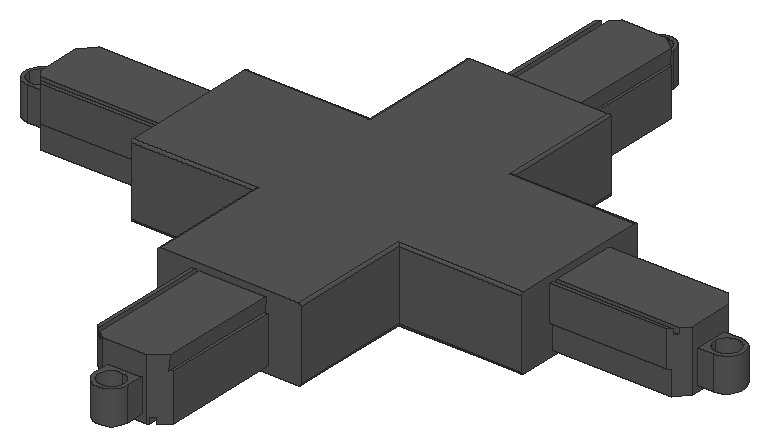
Revit family "Lighting_Other_Nordlux_Link_X-Connector", category Lighting Fixtures, host Face, Revit 2017
Family settings
  Host = Face
  Round Connector Dimension = Use Diameter
  Part Type = Normal
  OmniClass Number = 23.80.70.11.14.21
  OmniClass Title = Spots and Tracklight Specialties
  Cut with Voids When Loaded = No
  Light Source = No
  Shared = No
  Room Calculation Point = No
Parameters (values of type "Link X-connector - black")
  WarrantyStartDate [instance] = "n/a"
  WarrantyGuarantorParts = "n/a"
  WarrantyGuarantorLabor = "n/a"
  WarrantyDurationUnit = "Year"
  WarrantyDurationParts = "n/a"
  WarrantyDurationLabor = "n/a"
  WarrantyDescription = "n/a"
  VersionDate = "30/08/2019"  # constant formula
  Version = "1"  # constant formula
  UsageCurrent = 0 A
  Uniclass2015Reference = "Pr_70_70_48_47"
  Uniclass2015Description = "Lighting tracks"
  Uniclass2 = "Pr_70_70_49_44"
  URL = "https://www.nordlux.com/products/product/86079903"
  Type Comments = ""
  TotalWattage = 660 W
  TagNumber [instance] = "n/a"
  SustainabilityPerformance = "n/a"
  Size = "175x175x18 mm"
  Shape = "Rectangular"
  SerialNumber [instance] = "n/a"
  Revision = "n/a"
  ReplacementCost = "n/a"
  RailMainMaterial = Black
  ProductInformation = "n/a"
  Product data url = "https://www.bimobject.com/nordlux/product/link_x-connector"
  PhaseReference = "n/a"
  PhaseAngle = 0.00°
  NumberOfSources = 0
  NumberOfPoles = 1
  NominalWidth = 174.9 mm
  NominalVoltage = 230 V
  NominalHeight = 18 mm
  NominalFrequencyRange = 0 Hz
  NominalDepth = 174.2 mm
  NominalCurrent = 0 A
  Name = "Nordlux_Link_X-Connector"
  NBSReference = "90-60-50-430"
  NBSDescription = "Lighting tracks"
  ModelReference = "n/a"
  ModelNumber = ArticleNumber  # "86079903"
  Model = "Link X-connector - black"
  Material = "Plastic"
  ManufacturersSpecificInformation = "n/a"
  ManufacturerURL = "https://www.nordlux.com/"
  ManufacturerName = "Nordlux"
  Manufacturer = "Nordlux"
  MaintenanceFactor = 0
  LightFixturePlacingType = "Ceiling"
  LightFixtureMountingType = "Surface"
  InsulationStandardClass = "Class 1 (Earth contact)"
  InstallationDate [instance] = "n/a"
  IfcExportType = "NOTDEFINED"  # constant formula
  IfcExportAs = "IfcLightFixtureType"  # constant formula
  IP_Code = "IP20"
  HasProtectiveEarth = no
  Grade = "n/a"
  Finish = "n/a"
  Features = "n/a"
  ExpectedLife = "n/a"
  ElectricalDeviceNominalPower = 0 VA
  EAN Number = "5701581402584"
  DurationUnit = "Year"
  Description = ""
  Default Elevation = 0 mm
  ConvergoRefNr = "0143-1909-0041-DK"
  Constituents = "n/a"
  Color = "Black"
  CodePerformance = "n/a"
  Category = "Power strip"
  Brand = "Nordlux"
  Barcode [instance] = "n/a"
  BIMObjectName = "Lighting_Other_Nordlux_Link_X-Connector"
  Author = "Convergo AB"  # constant formula
  AssetType = "Fixed"
  AssetIdentifier [instance] = "n/a"
  Assembly Code = ""
  ArticleNumber = "86079903"
  AccessibilityPerformance = "n/a"
Types (3, lengths in mm): name | URL | RailMainMaterial | ModelNumber | Model | EAN Number | Color | ArticleNumber
  (no name) | "https://www.nordlux.com/products/product/86079903" | Black | "86079903" | "Link X-connector - black" | "5701581402584" | "Black" | "86079903"
  Link X-connector - black | "https://www.nordlux.com/products/product/86079903" | Black | "86079903" | "Link X-connector - black" | "5701581402584" | "Black" | "86079903"
  Link X-connector - white | "https://www.nordlux.com/products/product/86079901" | White | "86079901" | "Link X-connector - white" | "5701581402485" | "White" | "86079901"
Reference planes
  plane 1 "Center (Front/Back)": y = 0
  plane 2: z = 0
  plane 3 "Center (Left/Right)": x = 0
  plane 4: x = -87.45
  plane 5: x = 87.45
  plane 6: y = 87.1
  plane 7: y = -87.1
  plane 8: z = 18
Dimensions and locks
  equal spacing: plane 4, plane 3 "Center (Left/Right)", plane 5
  "NominalWidth": plane 4 to plane 5
  equal spacing: plane 6, plane 1 "Center (Front/Back)", plane 7
  "NominalDepth": plane 6 to plane 7
  "NominalHeight": plane 8 to level
  aligned and locked: plane 2 to host face
  aligned and locked: level to host face
Automatic sketch dimensions
  host sketch curve to host sketch curve = 2438.4 mm  (x2)
Nested families
  nested 1: "X connector" at (0, 0, 0), Main <- "RailMainMaterial", type "X connector"
    with Main Black
Definition of nested family "X connector"
  Parameters (values of type "X connector")
    Main [instance] = none
    Default Elevation = 1219.2 mm
  Reference planes
    plane 1 "Center (Front/Back)": y = 0
    plane 2: z = 0
    plane 3 "Center (Left/Right)": x = 0
    plane 4: z = 18
    plane 5: x = -87.458
    plane 6: x = 87.458
    plane 7: y = -87.1
    plane 8: y = 87.1
  Forms (mm)
    Extrusion 1, solid
      sketch origin (0, 0, 0) x (1, 0, 0) y (0, 1, 0)
        loop
          line (-1219.2, 1219.2) -> (-1219.2, -1219.2) -> (1219.2, -1219.2) -> (1219.2, 1219.2) -> (-1219.2, 1219.2)
      from 0 to -304.8
    Extrusion 2, solid, material <- "Main", detail levels medium+fine
      sketch origin (-10.336, -1.251, 0) x (-1, 0, 0) y (0, -1, 0)
        loop
          line (-86.461, -10.5) -> (-57.834, -10.497) -> (-57.834, 7.997) -> (-86.461, 8) -> (-89.695, 4.146) -> (-89.694, -6.647) -> (-86.461, -10.5)
      from 1.528 to 16.5
    Extrusion 3, solid, material <- "Main", detail levels medium+fine
      sketch origin (-10.336, -1.251, 0) x (-1, 0, 0) y (0, -1, 0)
        loop
          line (-89.694, -5.25) -> (-89.694, 2.75) -> (-93.793, 2.75)
          arc (-93.793, 2.75) -> (-97.792, -1.251) -> (-93.792, -5.25) r 4
          line (-93.792, -5.25) -> (-89.694, -5.25)
        loop
          circle (-93.784, -1.251) r 3.132
      from 3.145 to 11.286
    Extrusion 4, void
      sketch origin (-10.336, 0.049, 0) x (0, 1, 0) y (0, 0, -1)
        loop
          line (8.8, -17) -> (9.863, -17) -> (9.863, -13) -> (8.451, -13) -> (8.8, -17)
        loop
          line (-7.344, -15.034) -> (-8.399, -15.034) -> (-8.399, -17.016) -> (-7.344, -17.016) -> (-7.344, -15.034)
        loop
          line (-8.483, -0.82) -> (-9.957, -0.82) -> (-9.957, -7.78) -> (-8.484, -7.78) -> (-8.483, -0.82)
        loop
          line (6.691, -0.997) -> (5.691, -0.997) -> (5.691, -3.001) -> (6.691, -3.001) -> (6.691, -0.997)
      from -122.051 to 5.256
    Extrusion 5, solid, material <- "Main", detail levels coarse
      sketch origin (0, 0, 0) x (1, 0, 0) y (0, 1, 0)
        loop
          line (87.458, 87.1) -> (-87.458, 87.1) -> (-87.458, -87.1) -> (87.458, -87.1) -> (87.458, 87.1)
      from 0 to 18
    Extrusion 6, solid, material <- "Main", detail levels medium+fine
      sketch origin (10.334, -1.251, 0) x (1, 0, 0) y (0, 1, 0)
        loop
          line (-86.461, 10.5) -> (-89.694, 6.647) -> (-89.695, -4.146) -> (-86.461, -8) -> (-57.834, -7.997) -> (-57.834, 10.497) -> (-86.461, 10.5)
      from 1.528 to 16.5
    Extrusion 7, solid, material <- "Main", detail levels medium+fine
      sketch origin (10.334, -1.251, 0) x (1, 0, 0) y (0, 1, 0)
        loop
          line (-89.694, 5.25) -> (-93.792, 5.25)
          arc (-93.792, 5.25) -> (-97.792, 1.251) -> (-93.793, -2.75) r 4
          line (-93.793, -2.75) -> (-89.694, -2.75) -> (-89.694, 5.25)
        loop
          circle (-93.784, 1.251) r 3.132
      from 3.145 to 11.286
    Extrusion 8, void
      sketch origin (10.334, 0.049, 0) x (0, 1, 0) y (0, 0, 1)
        loop
          line (8.8, 17) -> (8.451, 13) -> (9.863, 13) -> (9.863, 17) -> (8.8, 17)
        loop
          line (-7.344, 15.034) -> (-7.344, 17.016) -> (-8.399, 17.016) -> (-8.399, 15.034) -> (-7.344, 15.034)
        loop
          line (-8.483, 0.82) -> (-8.484, 7.78) -> (-9.957, 7.78) -> (-9.957, 0.82) -> (-8.483, 0.82)
        loop
          line (6.691, 0.997) -> (6.691, 3.001) -> (5.691, 3.001) -> (5.691, 0.997) -> (6.691, 0.997)
      from -122.051 to 5.256
    Extrusion 9, solid, material <- "Main", detail levels medium+fine
      sketch origin (0, 0, 0) x (0, 1, 0) y (0, 0, 1)
        loop
          line (16.9, 18) -> (-16.9, 18)
          arc (-16.9, 18) -> (-17.324, 17.824) -> (-17.5, 17.4) r 0.6
          line (-17.5, 17.4) -> (-17.5, 0.6)
          arc (-17.5, 0.6) -> (-17.324, 0.176) -> (-16.9, 0) r 0.6
          line (-16.9, 0) -> (16.9, 0)
          arc (16.9, 0) -> (17.324, 0.176) -> (17.5, 0.6) r 0.6
          line (17.5, 0.6) -> (17.5, 17.4)
          arc (17.5, 17.4) -> (17.324, 17.824) -> (16.9, 18) r 0.6
      from -47.5 to 47.5
    Extrusion 10, solid, material <- "Main", detail levels medium+fine
      sketch origin (-1.251, 10.833, 0) x (0, 1, 0) y (-1, 0, 0)
        loop
          line (-86.461, -10.5) -> (-57.834, -10.497) -> (-57.834, 7.997) -> (-86.461, 8) -> (-89.695, 4.146) -> (-89.694, -6.647) -> (-86.461, -10.5)
      from 1.528 to 16.5
    Extrusion 11, solid, material <- "Main", detail levels medium+fine
      sketch origin (-1.251, 10.833, 0) x (0, 1, 0) y (-1, 0, 0)
        loop
          line (-89.694, -5.25) -> (-89.694, 2.75) -> (-93.793, 2.75)
          arc (-93.793, 2.75) -> (-97.792, -1.251) -> (-93.792, -5.25) r 4
          line (-93.792, -5.25) -> (-89.694, -5.25)
        loop
          circle (-93.784, -1.251) r 3.132
      from 3.145 to 11.286
    Extrusion 12, void
      sketch origin (0.049, 10.833, 0) x (1, 0, 0) y (0, 0, -1)
        loop
          line (8.8, -17) -> (9.863, -17) -> (9.863, -13) -> (8.451, -13) -> (8.8, -17)
        loop
          line (-7.344, -15.034) -> (-8.399, -15.034) -> (-8.399, -17.016) -> (-7.344, -17.016) -> (-7.344, -15.034)
        loop
          line (-8.483, -0.82) -> (-9.957, -0.82) -> (-9.957, -7.78) -> (-8.484, -7.78) -> (-8.483, -0.82)
        loop
          line (6.691, -0.997) -> (5.691, -0.997) -> (5.691, -3.001) -> (6.691, -3.001) -> (6.691, -0.997)
      from -122.051 to 5.256
    Extrusion 13, solid, material <- "Main", detail levels medium+fine
      sketch origin (0, -34.8, 0) x (1, 0, 0) y (0, 0, 1)
        loop
          arc (17.5, 17.4) -> (17.324, 17.824) -> (16.9, 18) r 0.6
          line (16.9, 18) -> (-16.9, 18)
          arc (-16.9, 18) -> (-17.324, 17.824) -> (-17.5, 17.4) r 0.6
          line (-17.5, 17.4) -> (-17.5, 0.6)
          arc (-17.5, 0.6) -> (-17.324, 0.176) -> (-16.9, 0) r 0.6
          line (-16.9, 0) -> (16.9, 0)
          arc (16.9, 0) -> (17.324, 0.176) -> (17.5, 0.6) r 0.6
          line (17.5, 0.6) -> (17.5, 17.4)
      from -81.801 to 12.198
    Extrusion 14, solid, material <- "Main", detail levels medium+fine
      sketch origin (-1.251, -10.833, 0) x (0, -1, 0) y (1, 0, 0)
        loop
          line (-86.461, 10.5) -> (-89.694, 6.647) -> (-89.695, -4.146) -> (-86.461, -8) -> (-57.834, -7.997) -> (-57.834, 10.497) -> (-86.461, 10.5)
      from 1.528 to 16.5
    Extrusion 15, solid, material <- "Main", detail levels medium+fine
      sketch origin (-1.251, -10.833, 0) x (0, -1, 0) y (1, 0, 0)
        loop
          line (-89.694, 5.25) -> (-93.792, 5.25)
          arc (-93.792, 5.25) -> (-97.792, 1.251) -> (-93.793, -2.75) r 4
          line (-93.793, -2.75) -> (-89.694, -2.75) -> (-89.694, 5.25)
        loop
          circle (-93.784, 1.251) r 3.132
      from 3.145 to 11.286
    Extrusion 16, void
      sketch origin (0.049, -10.833, 0) x (1, 0, 0) y (0, 0, 1)
        loop
          line (8.8, 17) -> (8.451, 13) -> (9.863, 13) -> (9.863, 17) -> (8.8, 17)
        loop
          line (-7.344, 15.034) -> (-7.344, 17.016) -> (-8.399, 17.016) -> (-8.399, 15.034) -> (-7.344, 15.034)
        loop
          line (-8.483, 0.82) -> (-8.484, 7.78) -> (-9.957, 7.78) -> (-9.957, 0.82) -> (-8.483, 0.82)
        loop
          line (6.691, 0.997) -> (6.691, 3.001) -> (5.691, 3.001) -> (5.691, 0.997) -> (6.691, 0.997)
      from -122.051 to 5.256
  Cuts and joins
    Extrusion 4, Extrusion 8, Extrusion 12 cuts Extrusion 2
    Extrusion 8 cuts Extrusion 6
    Extrusion 12, Extrusion 16 cuts Extrusion 10
    joined: Extrusion 9, Extrusion 13
    Extrusion 16 cuts Extrusion 14
  Lines and regions (mm)
    symbolic lines, detail levels medium+fine
      curve 1: line (47.5, -17.5, 0) -> (47.5, -7.193, 0)
      curve 2: line (77.851, -7.193, 0) -> (79.358, -5.396, 0)
      curve 4: line (79.358, -3.999, 0) -> (83.456, -4, 0)
      curve 5: arc (83.456, -4, 0) -> (87.457, 0, 0) -> (83.457, 4, 0) r 4
      curve 6: line (83.457, 4, 0) -> (79.359, 4.001, 0)
      curve 8: line (77.766, 7.295, 0) -> (79.359, 5.397, 0)
      curve 9: line (79.359, 4.001, 0) -> (79.359, 5.397, 0)
      curve 10: line (79.358, -3.999, 0) -> (79.358, -5.396, 0)
      curve 12: line (47.5, 7.295, 0) -> (47.5, 17.5, 0)
      curve 13: line (47.5, -7.193, 0) -> (77.851, -7.193, 0)
      curve 14: line (47.5, 7.295, 0) -> (77.766, 7.295, 0)
      curve 15: line (47.5, 17.5, 0) -> (17.504, 17.5, 0)
      curve 16: line (-47.5, 17.5, 0) -> (-47.5, -17.5, 0)
      curve 17: line (-47.5, -17.5, 0) -> (-17.504, -17.5, 0)
      curve 18: line (0, 17.5, 18) -> (0, -17.5, 18)
      curve 20: line (0, -17.5, 0) -> (0, 17.5, 0)
      curve 22: line (-47.5, 0, 18) -> (47.5, 0, 18)
      curve 23: line (-47.5, 0, 0) -> (-47.5, 0, 18)
      curve 24: line (47.5, 0, 0) -> (-47.5, 0, 0)
      curve 25: line (47.5, 0, 18) -> (47.5, 0, 0)
      curve 26: line (-77.852, -7.193, 0) -> (-79.359, -5.396, 0)
      curve 28: line (-79.359, -3.999, 0) -> (-83.458, -4, 0)
      curve 29: arc (-83.458, -4, 0) -> (-87.458, 0, 0) -> (-83.458, 4, 0) r 4
      curve 30: line (-83.458, 4, 0) -> (-79.36, 4.001, 0)
      curve 32: line (-77.768, 7.295, 0) -> (-79.36, 5.397, 0)
      curve 33: line (-79.36, 4.001, 0) -> (-79.36, 5.397, 0)
      curve 34: line (-79.359, -3.999, 0) -> (-79.359, -5.396, 0)
      curve 36: line (-47.501, -7.193, 0) -> (-77.852, -7.193, 0)
      curve 37: line (-47.501, 7.295, 0) -> (-77.768, 7.295, 0)
      curve 38: line (-17.504, -47.001, 0) -> (-17.504, -17.5, 0)
      curve 39: line (17.504, -47.001, 0) -> (17.504, -17.5, 0)
      curve 40: line (17.504, -17.5, 0) -> (47.5, -17.5, 0)
      curve 41: line (-17.504, -47.001, 0) -> (-7.193, -47.001, 0)
      curve 42: line (-7.193, -77.352, 0) -> (-5.396, -78.859, 0)
      curve 44: line (-3.999, -78.859, 0) -> (-4, -82.957, 0)
      curve 45: arc (-4, -82.957, 0) -> (0, -86.958, 0) -> (4, -82.958, 0) r 4
      curve 46: line (4, -82.958, 0) -> (4.001, -78.86, 0)
      curve 48: line (7.295, -77.267, 0) -> (5.397, -78.86, 0)
      curve 49: line (4.001, -78.86, 0) -> (5.397, -78.86, 0)
      curve 50: line (-3.999, -78.859, 0) -> (-5.396, -78.859, 0)
      curve 52: line (7.295, -47.001, 0) -> (17.504, -47.001, 0)
      curve 53: line (-7.193, -47.001, 0) -> (-7.193, -77.352, 0)
      curve 54: line (7.295, -47.001, 0) -> (7.295, -77.267, 0)
      curve 55: line (0, 17.5, 18) -> (0, 47.001, 18)
      curve 56: line (0, 47.001, 18) -> (0, 47.001, 0)
      curve 57: line (0, 47.001, 0) -> (0, 17.5, 0)
      curve 60: line (-17.504, 47.001, 0) -> (-17.504, 17.5, 0)
      curve 61: line (17.504, 47.001, 0) -> (17.504, 17.5, 0)
      curve 62: line (-17.504, 17.5, 0) -> (-47.5, 17.5, 0)
      curve 63: line (-17.504, 47.001, 0) -> (-7.193, 47.001, 0)
      curve 64: line (-7.193, 77.352, 0) -> (-5.396, 78.859, 0)
      curve 66: line (-3.999, 78.859, 0) -> (-4, 82.957, 0)
      curve 67: arc (-4, 82.957, 0) -> (0, 86.958, 0) -> (4, 82.958, 0) r 4
      curve 68: line (4, 82.958, 0) -> (4.001, 78.86, 0)
      curve 70: line (7.295, 77.267, 0) -> (5.397, 78.86, 0)
      curve 71: line (4.001, 78.86, 0) -> (5.397, 78.86, 0)
      curve 72: line (-3.999, 78.859, 0) -> (-5.396, 78.859, 0)
      curve 74: line (7.295, 47.001, 0) -> (17.504, 47.001, 0)
      curve 75: line (-7.193, 47.001, 0) -> (-7.193, 77.352, 0)
      curve 76: line (7.295, 47.001, 0) -> (7.295, 77.267, 0)
      curve 77: line (0, -46.998, 18) -> (0, -46.998, 0)
      curve 78: line (0, -46.998, 0) -> (0, -17.5, 0)
      curve 79: line (0, -46.998, 18) -> (0, -17.5, 18)
    symbolic lines, detail levels fine
      curve 3: line (79.358, -3.999, 0) -> (79.359, 4.001, 0)
      curve 7: circle (83.448, 0, 0) r 3.132 normal (0, 0, -1)
      curve 11: line (47.5, -7.193, 0) -> (47.5, 7.295, 0)
      curve 19: line (0, 17.5, 0) -> (0, 17.5, 18)
      curve 21: line (0, -17.5, 18) -> (0, -17.5, 0)
      curve 27: line (-79.359, -3.999, 0) -> (-79.36, 4.001, 0)
      curve 31: circle (-83.449, 0, 0) r 3.132 normal (0, 0, 1)
      curve 35: line (-47.501, -7.193, 0) -> (-47.501, 7.295, 0)
      curve 43: line (-3.999, -78.859, 0) -> (4.001, -78.86, 0)
      curve 47: circle (0, -82.949, 0) r 3.132 normal (0, 0, -1)
      curve 51: line (-7.193, -47.001, 0) -> (7.295, -47.001, 0)
      curve 58: line (-17.5, 0, 18) -> (-17.5, 0, 0)
      curve 59: line (17.5, 0, 0) -> (17.5, 0, 18)
      curve 65: line (-3.999, 78.859, 0) -> (4.001, 78.86, 0)
      curve 69: circle (0, 82.949, 0) r 3.132 normal (0, 0, 1)
      curve 73: line (-7.193, 47.001, 0) -> (7.295, 47.001, 0)
  Dimensions and locks
    aligned and locked: plane 2 to Extrusion 1
    aligned and locked: level to Extrusion 1
